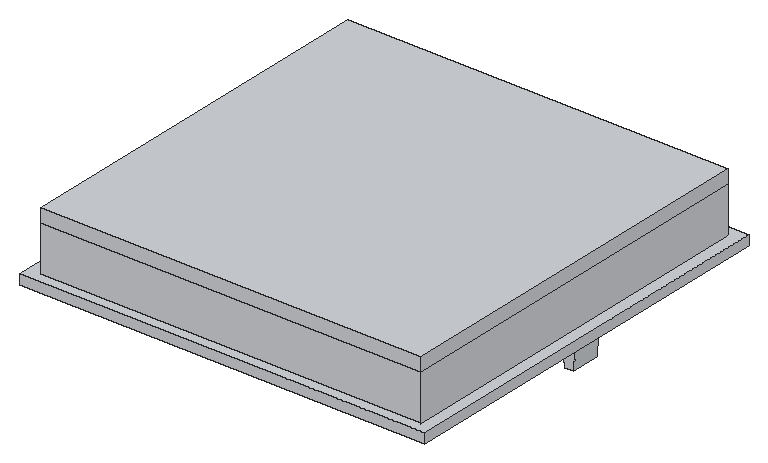
Revit family "Gira_029667", category Electrical Fixtures, host Face, Revit 2017
Family settings
  Host = Face
  Maintain Annotation Orientation = No
  Round Connector Dimension = Use Diameter
  Part Type = Normal
  Cut with Voids When Loaded = No
  Shared = No
  Room Calculation Point = No
Parameters (values of type "Rocker Gira TX_44 (WP FM) anthra.")
  With exchangeable lens/symbol = "No"
  URL = "http://katalog.gira.de/en/datenblatt.html?artikelnr=029667"
  Suitable for touch sensor connector for bus system = "Yes"
  Scannable symbol / barrier free = "No"
  Name = "Rocker Gira TX_44 (WP FM) anthra."
  Monitoring window/light outlet = "No"
  Model = "Single rocker"
  Manufacturer URL = "https://www.gira.de/"
  Manufacturer = "Gira"
  Keynote = ""
  HeinzeBIM = "https://bimportal.heinze.de/bim/rocker-gira-tx-44-wp-fm-anthra-/4f7b0d5e566c52b521466f70a738fc5540df669a"
  HAN = "029667"
  GTIN = "4010337296676"
  Description = "Rock. TX_44 AN,Rocker,,anthracite,Notes :,- Theft-prevention implemented via optional screw-in clamp piece. This makes plugging of cover frame unnecessary."
  Default Elevation = 1219.2 mm
  Data sheet (1) = "https://katalog.gira.de/en/download.html?artikelnr=029667"
  Category = "Control element/cover plate for domestic switching devices"
  BIM (1) = "https://media.stage.bim.site/public/gira/36a6b08/TX44_Abdeckung_Schalten und Tasten.rfa?public/gira/36a6b08/TX44_Abdeckung_Schalten und Tasten.rfa"
  Available = "No"
Reference planes
  plane 1 "Center (Front/Back)": y = 0
  plane 2: z = 0
  plane 3 "Center (Left/Right)": x = 0
Forms (mm)
  Extrusion 1, solid, detail levels fine
    sketch origin (0, 0, 0) x (1, 0, 0) y (0, 1, 0)
      loop
        line (34.85, 34.85) -> (-34.85, 34.85) -> (-34.85, -34.85) -> (34.85, -34.85) -> (34.85, 34.85)
      loop
        line (-31.45, 31.8) -> (-31.45, -31.8) -> (31.45, -31.8) -> (31.45, 31.8) -> (-31.45, 31.8)
    from 0 to 1.7
  Extrusion 2, solid, detail levels fine
    sketch origin (0, 0, 0) x (1, 0, 0) y (0, 1, 0)
      loop
        line (32.8, 33.05) -> (-32.8, 33.05) -> (-32.8, -33.05) -> (32.8, -33.05) -> (32.8, 33.05)
      loop
        line (-31.45, 31.8) -> (-31.45, -31.8) -> (31.45, -31.8) -> (31.45, 31.8) -> (-31.45, 31.8)
    from 1.566 to 9.515
  Extrusion 3, solid, detail levels fine
    sketch origin (0, 0, 0) x (1, 0, 0) y (0, 1, 0)
      loop
        line (32.8, 33.05) -> (-32.8, 33.05) -> (-32.8, -33.05) -> (32.8, -33.05) -> (32.8, 33.05)
    from 9.515 to 11.816
  Extrusion 4, solid, detail levels fine
    sketch origin (0, 0, 0) x (1, 0, 0) y (0, 0, 1)
      loop
        line (-32.815, 0) -> (-34.827, 0) -> (-34.611, -3.084) -> (-33.031, -3.084) -> (-32.815, 0)
      loop
        line (32.815, 0) -> (33.031, -3.084) -> (34.611, -3.084) -> (34.827, 0) -> (32.815, 0)
    from -2.513 to 2.5
  Extrusion 5, solid, detail levels fine
    sketch origin (0, 0, 0) x (1, 0, 0) y (0, 1, 0)
      loop
        spline (-23.686, 23.152) -> (-23.856, 23.114) -> (-24.022, 23.062) -> (-24.184, 22.995) -> (-24.338, 22.915) -> (-24.486, 22.821) -> (-24.624, 22.715) -> (-24.753, 22.597) -> (-24.87, 22.468) -> (-24.977, 22.33) -> (-25.07, 22.183) -> (-25.151, 22.028) -> (-25.218, 21.867)
        line (-25.218, 21.867) -> (-29.35, 10.513) -> (-29.35, -10.487) -> (-25.218, -21.841)
        spline (-25.218, -21.841) -> (-25.151, -22.002) -> (-25.07, -22.156) -> (-24.977, -22.304) -> (-24.87, -22.442) -> (-24.753, -22.571) -> (-24.624, -22.688) -> (-24.486, -22.795) -> (-24.338, -22.888) -> (-24.184, -22.969) -> (-24.022, -23.036) -> (-23.856, -23.088) -> (-23.686, -23.126)
        line (-23.686, -23.126) -> (0, -27.302) -> (23.686, -23.126)
        spline (23.686, -23.126) -> (23.856, -23.088) -> (24.022, -23.036) -> (24.184, -22.969) -> (24.338, -22.888) -> (24.486, -22.795) -> (24.624, -22.688) -> (24.753, -22.571) -> (24.87, -22.442) -> (24.977, -22.304) -> (25.07, -22.156) -> (25.151, -22.002) -> (25.218, -21.841)
        line (25.218, -21.841) -> (29.35, -10.487) -> (29.35, 10.513) -> (25.218, 21.867)
        spline (25.218, 21.867) -> (25.151, 22.028) -> (25.07, 22.183) -> (24.977, 22.33) -> (24.87, 22.468) -> (24.753, 22.597) -> (24.624, 22.715) -> (24.486, 22.821) -> (24.338, 22.915) -> (24.184, 22.995) -> (24.022, 23.062) -> (23.856, 23.114) -> (23.686, 23.152)
        line (23.686, 23.152) -> (0, 27.328) -> (-23.686, 23.152)
      loop
        line (-24.278, 21.525) -> (-28.35, 10.337) -> (-28.35, -10.311) -> (-24.278, -21.498)
        spline (-24.278, -21.498) -> (-24.245, -21.579) -> (-24.204, -21.656) -> (-24.157, -21.73) -> (-24.104, -21.799) -> (-24.045, -21.863) -> (-23.981, -21.922) -> (-23.912, -21.976) -> (-23.838, -22.022) -> (-23.761, -22.063) -> (-23.68, -22.096) -> (-23.597, -22.122) -> (-23.512, -22.141)
        line (-23.512, -22.141) -> (0, -26.287) -> (23.512, -22.141)
        spline (23.512, -22.141) -> (23.597, -22.122) -> (23.68, -22.096) -> (23.761, -22.063) -> (23.838, -22.022) -> (23.912, -21.976) -> (23.981, -21.922) -> (24.045, -21.863) -> (24.104, -21.799) -> (24.157, -21.73) -> (24.204, -21.656) -> (24.245, -21.579) -> (24.278, -21.498)
        line (24.278, -21.498) -> (28.35, -10.311) -> (28.35, 10.337) -> (24.278, 21.525)
        spline (24.278, 21.525) -> (24.245, 21.605) -> (24.204, 21.683) -> (24.157, 21.756) -> (24.104, 21.825) -> (24.045, 21.89) -> (23.981, 21.949) -> (23.912, 22.002) -> (23.838, 22.048) -> (23.761, 22.089) -> (23.68, 22.122) -> (23.597, 22.148) -> (23.512, 22.167)
        line (23.512, 22.167) -> (0, 26.313) -> (-23.512, 22.167)
        spline (-23.512, 22.167) -> (-23.597, 22.148) -> (-23.68, 22.122) -> (-23.761, 22.089) -> (-23.838, 22.048) -> (-23.912, 22.002) -> (-23.981, 21.949) -> (-24.045, 21.89) -> (-24.104, 21.825) -> (-24.157, 21.756) -> (-24.204, 21.683) -> (-24.245, 21.605) -> (-24.278, 21.525)
    from 4.866 to 9.515
  Extrusion 6, solid, detail levels fine
    sketch origin (0, 0, 0) x (1, 0, 0) y (0, 1, 0)
      loop
        arc (0, 8.51) -> (-1.055, 8.223) -> (-1.717, 7.352) r 1.7
        line (-1.717, 7.352) -> (-2.205, 5.894) -> (-2.205, 4.213) -> (-4.36, 4.213)
        arc (-4.36, 4.213) -> (-4.865, 4.091) -> (-5.257, 3.75) r 1.1
        arc (-5.257, 3.75) -> (-6.02, 2.328) -> (-6.406, 0.761) r 6.45
        arc (-6.406, 0.761) -> (-6.7, 0.013) -> (-6.406, -0.735) r 1.1
        arc (-6.406, -0.735) -> (-6.02, -2.302) -> (-5.257, -3.724) r 6.45
        arc (-5.257, -3.724) -> (-4.865, -4.064) -> (-4.36, -4.187) r 1.1
        line (-4.36, -4.187) -> (-2.1, -4.187) -> (-2.1, -5.243)
        arc (-2.1, -5.243) -> (-1.847, -5.944) -> (-1.206, -6.323) r 1.1
        arc (-1.206, -6.323) -> (0, -6.437) -> (1.206, -6.323) r 6.45
        arc (1.206, -6.323) -> (1.847, -5.944) -> (2.1, -5.243) r 1.1
        line (2.1, -5.243) -> (2.1, -4.187) -> (4.36, -4.187)
        arc (4.36, -4.187) -> (4.865, -4.064) -> (5.257, -3.724) r 1.1
        arc (5.257, -3.724) -> (6.02, -2.302) -> (6.406, -0.735) r 6.45
        arc (6.406, -0.735) -> (6.7, 0.013) -> (6.406, 0.761) r 1.1
        arc (6.406, 0.761) -> (6.02, 2.328) -> (5.257, 3.75) r 6.45
        arc (5.257, 3.75) -> (4.865, 4.091) -> (4.36, 4.213) r 1.1
        line (4.36, 4.213) -> (2.205, 4.213) -> (2.205, 5.894) -> (1.717, 7.352)
        arc (1.717, 7.352) -> (1.055, 8.223) -> (0, 8.51) r 1.7
    from -6.834 to 9.515
  Extrusion 7, solid, detail levels coarse
    sketch origin (0, 0, 0) x (1, 0, 0) y (0, 1, 0)
      loop
        line (34.85, 34.85) -> (-34.85, 34.85) -> (-34.85, -34.85) -> (34.85, -34.85) -> (34.85, 34.85)
    from -6.834 to 11.816
  Extrusion 8, solid, detail levels medium
    sketch origin (0, 0, 0) x (1, 0, 0) y (0, 1, 0)
      loop
        line (32.8, 33.05) -> (-32.8, 33.05) -> (-32.8, -33.05) -> (32.8, -33.05) -> (32.8, 33.05)
    from 1.566 to 11.816
  Extrusion 9, solid, detail levels medium
    sketch origin (0, 0, 0) x (1, 0, 0) y (0, 1, 0)
      loop
        line (34.85, 34.85) -> (-34.85, 34.85) -> (-34.85, -34.85) -> (34.85, -34.85) -> (34.85, 34.85)
    from 0 to 1.7
  Extrusion 10, solid, detail levels medium
    sketch origin (0, 0, 0) x (1, 0, 0) y (0, 1, 0)
      loop
        circle (0, 1.036) r 7.473
    from -6.834 to 9.515
  Extrusion 11, solid, detail levels medium
    sketch origin (0, 0, 0) x (1, 0, 0) y (0, 0, 1)
      loop
        line (-32.815, -3.084) -> (-32.815, 0) -> (-34.827, 0) -> (-34.827, -3.084) -> (-32.815, -3.084)
      loop
        line (32.815, -3.084) -> (34.827, -3.084) -> (34.827, 0) -> (32.815, 0) -> (32.815, -3.084)
    from -2.513 to 2.5
Dimensions and locks
  aligned and locked: plane 2 to host face
  aligned and locked: level to host face
